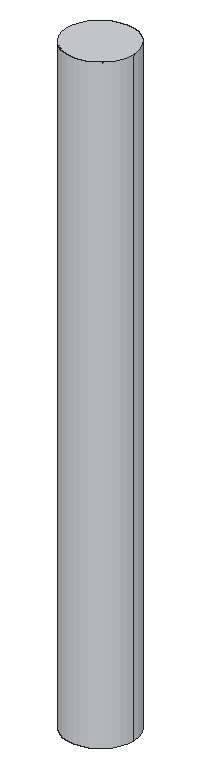
Revit family "M_Poste - Redondo", category Balaústres, Revit 2019
Family settings
  Número OmniClass = 23.30.80.11.11.14
  Título OmniClass = Posts, Newel Posts, Pickets
  ID de item do Seek = Post - Round-0000-CAN-ENU
  Sempre na vertical = Sim
  Corte com vazios quando carregada = Não
  Compartilhado = Não
Parameters (values of type "100mm")
  built-in parameter 1008623 [instance] = (empty or 0)
  built-in parameter 1008625 [instance] = (empty or 0)
  Raio = Largura / 2  # 50 mm
  Material de poste = none
  Largura = 100 mm
  Post = yes
  built-in parameter 1008624 [instance] = (empty or 0)
  built-in parameter 1008622 [instance] = 915 mm
Types (5, lengths in mm): name | Raio | Largura
  (no name) | 50 | 100
  30mm | 15 | 30
  60mm | 30 | 60
  100mm | 50 | 100
  150mm | 75 | 150
Reference planes
  plane 1 "Centro (Frente/Trás)": y = 0
  plane 2: z = 0
  plane 3 "Centro (Esquerda/Direita)": x = 0
  plane 4 "Superior": z = 915
Forms (mm)
  Extrusion 1, solid, material <- "Material de poste"
    sketch origin (0, 0, 0) x (1, 0, 0) y (0, 1, 0)
      loop
        circle (0, 0) r 50
    from 0 to 915
Dimensions and locks
  "built-in parameter 1008622": plane 2 to plane 4 "Superior"
  "Raio": radius of Extrusion 1 sketch curve
  aligned and locked: Extrusion 1 to level
  aligned and locked: Extrusion 1 to plane 4 "Superior"
Automatic sketch dimensions
  Extrusion 1 sketch curve to plane 1 "Centro (Frente/Trás)" = 0 mm
  Extrusion 1 sketch curve to plane 3 "Centro (Esquerda/Direita)" = 0 mm
